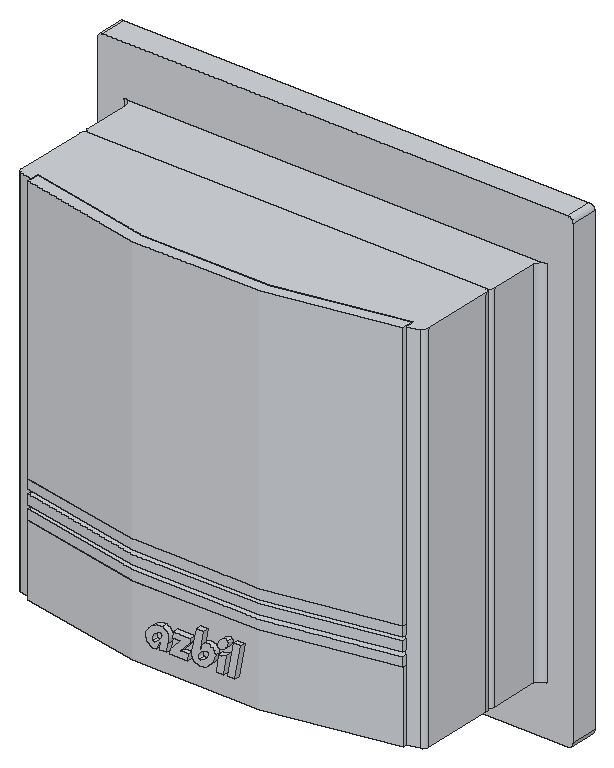
Revit family "室内用湿度ｾﾝｻｰ(ロゴあり)", category Electrical Equipment, Revit 2022
Family settings
  Panel Configuration = Two Columns, Circuits Across
  Round Connector Dimension = Use Diameter
  Part Type = Panelboard
  OmniClass Number = 23.80.30.11.17
  OmniClass Title = Distribution Boards and Control Panels
  Work Plane-Based = No
  Always vertical = Yes
  Cut with Voids When Loaded = No
  Maintain Annotation Orientation = No
  Shared = No
  Room Calculation Point = No
Parameters
  電線管φ [instance] = 1 mm
  Default Elevation = 0 mm
  built-in parameter 1155100 [instance] = -1
  built-in parameter 1140142 [instance] = -1
  built-in parameter 1140140 [instance] = 1 (stored number, unit not read)
Reference planes
  plane 1 "中心(正面/背面)": y = 0
  plane 2: z = 0
  plane 3 "中心(左/右)": x = 0
Forms (mm)
  Extrusion 1, solid
    sketch origin (0, 0, 0) x (1, 0, 0) y (0, 0, 1)
      loop
        arc (-45, -44) -> (-44.707, -44.707) -> (-44, -45) r 1
        line (-44, -45) -> (44, -45)
        arc (44, -45) -> (44.707, -44.707) -> (45, -44) r 1
        line (45, -44) -> (45, 44)
        arc (45, 44) -> (44.707, 44.707) -> (44, 45) r 1
        line (44, 45) -> (-44, 45)
        arc (-44, 45) -> (-44.707, 44.707) -> (-45, 44) r 1
        line (-45, 44) -> (-45, -44)
    from -27.5 to -22.5
  Extrusion 2, solid
    sketch origin (0, 0, 0) x (1, 0, 0) y (0, 1, 0)
      loop
        arc (-40, 22.5) -> (-38.939, 22.061) -> (-38.5, 21) r 1.5
        line (-38.5, 21) -> (-38.5, 12)
        arc (-38.5, 12) -> (-38.207, 11.293) -> (-37.5, 11) r 1
        line (-37.5, 11) -> (37.5, 11)
        arc (37.5, 11) -> (38.207, 11.293) -> (38.5, 12) r 1
        line (38.5, 12) -> (38.5, 21)
        arc (38.5, 21) -> (38.939, 22.061) -> (40, 22.5) r 1.5
        line (40, 22.5) -> (-40, 22.5)
    from -35.5 to 35.41
  Extrusion 3, solid
    sketch origin (0, 0, 0) x (1, 0, 0) y (0, 1, 0)
      loop
        arc (-37.5, 11) -> (-38.207, 10.707) -> (-38.5, 10) r 1
        line (-38.5, 10) -> (-38.5, -3.669)
        arc (-38.5, -3.669) -> (-38.307, -4.259) -> (-37.804, -4.622) r 1
        arc (-37.804, -4.622) -> (-36.654, -4.982) -> (-35.5, -5.331) r 124.5
        line (-35.5, -5.331) -> (-35.5, -3.557)
        arc (-35.5, -3.557) -> (0, -8.8) -> (35.5, -3.557) r 122.8
        line (35.5, -3.557) -> (35.5, -5.331)
        arc (35.5, -5.331) -> (36.654, -4.982) -> (37.804, -4.622) r 124.5
        arc (37.804, -4.622) -> (38.307, -4.259) -> (38.5, -3.669) r 1
        line (38.5, -3.669) -> (38.5, 10)
        arc (38.5, 10) -> (38.207, 10.707) -> (37.5, 11) r 1
        line (37.5, 11) -> (-37.5, 11)
    from -35.5 to 35.5
  Extrusion 4, solid
    sketch origin (0, 0, 0) x (1, 0, 0) y (0, 1, 0)
      loop
        arc (-35.5, -5.853) -> (0, -11) -> (35.5, -5.853) r 125
        line (35.5, -5.853) -> (35.5, -3.557)
        arc (35.5, -3.557) -> (0, -8.8) -> (-35.5, -3.557) r 122.8
        line (-35.5, -3.557) -> (-35.5, -5.853)
    from -35.5 to -22
  Extrusion 5, solid
    sketch origin (0, -0.043, 0) x (1, 0, 0) y (0, 1, 0)
      loop
        arc (-35.5, -5.853) -> (0, -11) -> (35.5, -5.853) r 125
        line (35.5, -5.853) -> (35.5, -3.557)
        arc (35.5, -3.557) -> (0, -8.8) -> (-35.5, -3.557) r 122.8
        line (-35.5, -3.557) -> (-35.5, -5.853)
    from -15 to 35.5
  Extrusion 6, solid
    sketch origin (0, -0.043, -4.4) x (1, 0, 0) y (0, 1, 0)
      loop
        arc (-35.5, -5.853) -> (0, -11) -> (35.5, -5.853) r 125
        line (35.5, -5.853) -> (35.5, -3.557)
        arc (35.5, -3.557) -> (0, -8.8) -> (-35.5, -3.557) r 122.8
        line (-35.5, -3.557) -> (-35.5, -5.853)
    from -15 to -13.2
  Extrusion 7, solid
    sketch origin (0, -0.043, -1.8) x (1, 0, 0) y (0, 1, 0)
      loop
        arc (-35.5, -5.853) -> (0, -11) -> (35.5, -5.853) r 125
        line (35.5, -5.853) -> (35.5, -3.557)
        arc (35.5, -3.557) -> (0, -8.8) -> (-35.5, -3.557) r 122.8
        line (-35.5, -3.557) -> (-35.5, -5.853)
    from -15 to -13.2
  Extrusion 8, solid
    sketch origin (0, -0.043, -7) x (1, 0, 0) y (0, 1, 0)
      loop
        arc (-35.5, -5.853) -> (0, -11) -> (35.5, -5.853) r 125
        line (35.5, -5.853) -> (35.5, -3.557)
        arc (35.5, -3.557) -> (0, -8.8) -> (-35.5, -3.557) r 122.8
        line (-35.5, -3.557) -> (-35.5, -5.853)
    from -15 to -13.2
  Extrusion 9, solid
    sketch origin (0.579, -15.492, -234.375) x (1, 0, 0) y (0, 0, 1)
      loop
        line (2.028, 209.479) -> (0.657, 209.479) -> (-0.164, 205.244)
        arc (-0.164, 205.244) -> (-0.148, 204.505) -> (0.171, 203.837) r 1.754
        arc (0.171, 203.837) -> (1.022, 203.478) -> (1.944, 203.525) r 2.069
        arc (1.944, 203.525) -> (3.516, 204.557) -> (4.213, 206.303) r 3.13
        arc (4.213, 206.303) -> (3.45, 207.476) -> (2.05, 207.488) r 1.479
        line (2.05, 207.488) -> (1.419, 206.337) -> (2.028, 209.479)
      loop
        line (7.636, 209.479) -> (6.586, 203.521) -> (7.957, 203.521) -> (9.008, 209.479) -> (7.636, 209.479)
      loop
        line (5.782, 203.521) -> (6.389, 206.963)
        arc (6.389, 206.963) -> (5.696, 206.683) -> (4.953, 206.603) r 2.712
        line (4.953, 206.603) -> (4.41, 203.521) -> (5.782, 203.521)
      loop
        line (-4.41, 203.521) -> (-0.981, 203.521) -> (-0.781, 204.656) -> (-2.4, 204.656) -> (-0.508, 206.642) -> (-0.342, 207.493) -> (-3.677, 207.493) -> (-3.877, 206.358) -> (-2.297, 206.358) -> (-4.254, 204.401) -> (-4.41, 203.521)
      loop
        arc (-4.811, 205.09) -> (-4.628, 206.587) -> (-5.775, 207.566) r 1.594
        arc (-5.775, 207.566) -> (-7.883, 206.92) -> (-8.997, 205.017) r 3.033
        arc (-8.997, 205.017) -> (-8.305, 203.731) -> (-6.863, 203.502) r 1.646
        line (-6.863, 203.502) -> (-6.23, 204.656) -> (-6.372, 203.521) -> (-4.978, 203.521)
        arc (-4.978, 203.521) -> (-4.916, 204.308) -> (-4.811, 205.09) r 14.52
      loop
        spline (4.823, 207.767) -> (4.981, 207.669) -> (5.188, 207.637) -> (5.429, 207.673) -> (5.689, 207.775) -> (5.949, 207.936) -> (6.192, 208.146) -> (6.401, 208.389) -> (6.562, 208.649) -> (6.665, 208.909) -> (6.701, 209.15) -> (6.669, 209.357) -> (6.571, 209.514)
        spline (6.571, 209.514) -> (6.413, 209.613) -> (6.206, 209.645) -> (5.965, 209.609) -> (5.705, 209.506) -> (5.445, 209.345) -> (5.202, 209.136) -> (4.993, 208.893) -> (4.831, 208.632) -> (4.729, 208.373) -> (4.693, 208.131) -> (4.725, 207.925) -> (4.823, 207.767)
    from -4.5 to -3.547
  Extrusion 10, void
    sketch origin (0.653, -15.156, -234.375) x (1, 0, 0) y (0, 0, 1)
      loop
        spline (-7.641, 204.685) -> (-7.501, 204.603) -> (-7.315, 204.582) -> (-7.094, 204.626) -> (-6.854, 204.73) -> (-6.611, 204.887) -> (-6.381, 205.088) -> (-6.181, 205.318) -> (-6.023, 205.561) -> (-5.919, 205.801) -> (-5.875, 206.022) -> (-5.896, 206.208) -> (-5.978, 206.347)
        spline (-5.978, 206.347) -> (-6.117, 206.43) -> (-6.304, 206.45) -> (-6.525, 206.407) -> (-6.765, 206.303) -> (-7.008, 206.145) -> (-7.238, 205.945) -> (-7.438, 205.715) -> (-7.596, 205.472) -> (-7.7, 205.231) -> (-7.743, 205.011) -> (-7.723, 204.824) -> (-7.641, 204.685)
      loop
        spline (1.155, 204.646) -> (1.294, 204.563) -> (1.48, 204.543) -> (1.701, 204.587) -> (1.941, 204.691) -> (2.184, 204.848) -> (2.414, 205.049) -> (2.615, 205.278) -> (2.772, 205.522) -> (2.876, 205.762) -> (2.92, 205.983) -> (2.899, 206.169) -> (2.817, 206.308)
        spline (2.817, 206.308) -> (2.678, 206.391) -> (2.491, 206.411) -> (2.27, 206.368) -> (2.03, 206.264) -> (1.787, 206.106) -> (1.557, 205.906) -> (1.357, 205.676) -> (1.199, 205.433) -> (1.095, 205.192) -> (1.052, 204.972) -> (1.072, 204.785) -> (1.155, 204.646)
    from -4.163 to -2.257
  Extrusion 11, solid
    sketch origin (0, 0, 0) x (1, 0, 0) y (0, 0, 1)
      loop
        circle (0, 0) r 0.5
    from -27.5 to -11
Cuts and joins
  Extrusion 10 cuts Extrusion 9
Dimensions and locks
  "電線管φ": diameter of Extrusion 11 sketch curve
  aligned and locked: level to plane 2
Automatic sketch dimensions
  Extrusion 1 sketch curve to plane 3 "中心(左/右)" = 45 mm
  Extrusion 1 sketch curve to Extrusion 1 sketch curve = 1 mm  (x3)
  plane 3 "中心(左/右)" to Extrusion 1 sketch curve = 44 mm  (x2)
  Extrusion 1 sketch curve to level = 45 mm
  level to Extrusion 1 sketch curve = 44 mm
  Extrusion 2 sketch curve to plane 3 "中心(左/右)" = 40 mm
  Extrusion 2 sketch curve to Extrusion 2 sketch curve = 1.5 mm  (x2)
  Extrusion 2 sketch curve to Extrusion 2 sketch curve = 1 mm  (x2)
  Extrusion 2 sketch curve to plane 1 "中心(正面/背面)" = 11 mm
  plane 3 "中心(左/右)" to Extrusion 2 sketch curve = 37.5 mm
  Extrusion 2 sketch curve to Extrusion 2 sketch curve = 9 mm  (x2)
  Extrusion 2 sketch curve to Extrusion 2 sketch curve = 0 mm  (x3)
  Extrusion 3 sketch curve to Extrusion 3 sketch curve = 0 mm  (x6)
  Extrusion 3 sketch curve to plane 3 "中心(左/右)" = 0 mm
  plane 1 "中心(正面/背面)" to Extrusion 3 sketch curve = 5.331 mm  (x2)
  Extrusion 3 sketch curve to plane 3 "中心(左/右)" = 35.5 mm
  Extrusion 3 sketch curve to Extrusion 3 sketch curve = 2 mm  (x4)
  Extrusion 3 sketch curve to Extrusion 3 sketch curve = 1 mm  (x2)
  plane 3 "中心(左/右)" to Extrusion 3 sketch curve = 35.5 mm
  Extrusion 3 sketch curve to Extrusion 3 sketch curve = 1.662 mm  (x2)
  Extrusion 3 sketch curve to Extrusion 3 sketch curve = 1.775 mm
  Extrusion 3 sketch curve to plane 1 "中心(正面/背面)" = 10 mm
  Extrusion 3 sketch curve to Extrusion 3 sketch curve = 103 mm
  Extrusion 4 sketch curve to Extrusion 4 sketch curve = 0 mm  (x2)
  Extrusion 4 sketch curve to plane 3 "中心(左/右)" = 0 mm
  plane 1 "中心(正面/背面)" to Extrusion 4 sketch curve = 5.853 mm  (x2)
  Extrusion 4 sketch curve to plane 3 "中心(左/右)" = 35.5 mm
  Extrusion 4 sketch curve to Extrusion 4 sketch curve = 2.296 mm
  Extrusion 4 sketch curve to plane 1 "中心(正面/背面)" = 114 mm
  Extrusion 5 sketch curve to Extrusion 5 sketch curve = 0 mm  (x2)
  Extrusion 5 sketch curve to plane 3 "中心(左/右)" = 0 mm
  plane 1 "中心(正面/背面)" to Extrusion 5 sketch curve = 5.896 mm  (x2)
  Extrusion 5 sketch curve to plane 3 "中心(左/右)" = 35.5 mm
  Extrusion 5 sketch curve to Extrusion 5 sketch curve = 2.296 mm
  Extrusion 5 sketch curve to plane 1 "中心(正面/背面)" = 113.957 mm
  Extrusion 6 sketch curve to Extrusion 6 sketch curve = 0 mm  (x2)
  Extrusion 6 sketch curve to plane 3 "中心(左/右)" = 0 mm
  plane 1 "中心(正面/背面)" to Extrusion 6 sketch curve = 5.896 mm  (x2)
  Extrusion 6 sketch curve to plane 3 "中心(左/右)" = 35.5 mm
  Extrusion 6 sketch curve to Extrusion 6 sketch curve = 2.296 mm
  Extrusion 6 sketch curve to plane 1 "中心(正面/背面)" = 113.957 mm
  Extrusion 7 sketch curve to Extrusion 7 sketch curve = 0 mm  (x2)
  Extrusion 7 sketch curve to plane 3 "中心(左/右)" = 0 mm
  plane 1 "中心(正面/背面)" to Extrusion 7 sketch curve = 5.896 mm  (x2)
  Extrusion 7 sketch curve to plane 3 "中心(左/右)" = 35.5 mm
  Extrusion 7 sketch curve to Extrusion 7 sketch curve = 2.296 mm
  Extrusion 7 sketch curve to plane 1 "中心(正面/背面)" = 113.957 mm
  Extrusion 8 sketch curve to Extrusion 8 sketch curve = 0 mm  (x2)
  Extrusion 8 sketch curve to plane 3 "中心(左/右)" = 0 mm
  plane 1 "中心(正面/背面)" to Extrusion 8 sketch curve = 5.896 mm  (x2)
  Extrusion 8 sketch curve to plane 3 "中心(左/右)" = 35.5 mm
  Extrusion 8 sketch curve to Extrusion 8 sketch curve = 2.296 mm
  Extrusion 8 sketch curve to plane 1 "中心(正面/背面)" = 113.957 mm
  Extrusion 9 sketch curve to plane 3 "中心(左/右)" = 6.773 mm
  Extrusion 9 sketch curve to Extrusion 9 sketch curve = 0.489 mm
  Extrusion 9 sketch curve to Extrusion 9 sketch curve = 0.491 mm
  Extrusion 9 sketch curve to Extrusion 9 sketch curve = 0.142 mm
  Extrusion 9 sketch curve to Extrusion 9 sketch curve = 0.117 mm
  Extrusion 9 sketch curve to Extrusion 9 sketch curve = 0.229 mm
  Extrusion 9 sketch curve to Extrusion 9 sketch curve = 1.394 mm
  Extrusion 9 sketch curve to Extrusion 9 sketch curve = 0.569 mm
  Extrusion 9 sketch curve to Extrusion 9 sketch curve = 0.155 mm
  Extrusion 9 sketch curve to Extrusion 9 sketch curve = 0.378 mm
  Extrusion 9 sketch curve to Extrusion 9 sketch curve = 0.2 mm
  Extrusion 9 sketch curve to plane 3 "中心(左/右)" = 1.82 mm
  Extrusion 9 sketch curve to Extrusion 9 sketch curve = 1.579 mm
  Extrusion 9 sketch curve to plane 3 "中心(左/右)" = 0.402 mm
  Extrusion 9 sketch curve to plane 3 "中心(左/右)" = 0.202 mm
  plane 3 "中心(左/右)" to Extrusion 9 sketch curve = 0.072 mm
  plane 3 "中心(左/右)" to Extrusion 9 sketch curve = 0.237 mm
  plane 3 "中心(左/右)" to Extrusion 9 sketch curve = 0.416 mm
  plane 3 "中心(左/右)" to Extrusion 9 sketch curve = 1.236 mm
  Extrusion 9 sketch curve to Extrusion 9 sketch curve = 1.599 mm
  Extrusion 9 sketch curve to Extrusion 9 sketch curve = 0.289 mm
  Extrusion 9 sketch curve to Extrusion 9 sketch curve = 0.328 mm
  Extrusion 9 sketch curve to Extrusion 9 sketch curve = 0.178 mm
  Extrusion 9 sketch curve to Extrusion 9 sketch curve = 1.372 mm  (x3)
  Extrusion 9 sketch curve to Extrusion 9 sketch curve = 0.631 mm
  Extrusion 9 sketch curve to Extrusion 9 sketch curve = 1.319 mm
  Extrusion 9 sketch curve to Extrusion 9 sketch curve = 1.671 mm
  Extrusion 9 sketch curve to Extrusion 9 sketch curve = 2.215 mm
  Extrusion 9 sketch curve to Extrusion 9 sketch curve = 0.082 mm
  Extrusion 9 sketch curve to Extrusion 9 sketch curve = 1.435 mm
  Extrusion 9 sketch curve to Extrusion 9 sketch curve = 0.804 mm
  Extrusion 9 sketch curve to Extrusion 9 sketch curve = 2.601 mm
  Extrusion 9 sketch curve to Extrusion 9 sketch curve = 1.371 mm
  Extrusion 9 sketch curve to Extrusion 9 sketch curve = 1.566 mm
  Extrusion 9 sketch curve to level = 31.608 mm
  Extrusion 9 sketch curve to Extrusion 9 sketch curve = 0.735 mm
  Extrusion 9 sketch curve to Extrusion 9 sketch curve = 0.019 mm
  Extrusion 9 sketch curve to Extrusion 9 sketch curve = 0.754 mm  (x2)
  Extrusion 9 sketch curve to Extrusion 9 sketch curve = 0 mm  (x2)
  Extrusion 9 sketch curve to Extrusion 9 sketch curve = 0.88 mm
  Extrusion 9 sketch curve to Extrusion 9 sketch curve = 1.02 mm
  Extrusion 9 sketch curve to Extrusion 9 sketch curve = 1.135 mm
  Extrusion 9 sketch curve to Extrusion 9 sketch curve = 0.115 mm
  Extrusion 9 sketch curve to Extrusion 9 sketch curve = 0.255 mm
  Extrusion 9 sketch curve to Extrusion 9 sketch curve = 0.417 mm
  Extrusion 9 sketch curve to Extrusion 9 sketch curve = 0.589 mm
  Extrusion 9 sketch curve to Extrusion 9 sketch curve = 0.605 mm
  Extrusion 9 sketch curve to Extrusion 9 sketch curve = 1.352 mm
  Extrusion 9 sketch curve to Extrusion 9 sketch curve = 0.664 mm
  Extrusion 9 sketch curve to Extrusion 9 sketch curve = 0.822 mm
  Extrusion 9 sketch curve to Extrusion 9 sketch curve = 1.703 mm
  Extrusion 9 sketch curve to Extrusion 9 sketch curve = 0.199 mm
  Extrusion 9 sketch curve to Extrusion 9 sketch curve = 0.423 mm
  Extrusion 9 sketch curve to Extrusion 9 sketch curve = 1.398 mm
  Extrusion 9 sketch curve to Extrusion 9 sketch curve = 0.361 mm
  Extrusion 9 sketch curve to Extrusion 9 sketch curve = 1.151 mm
  Extrusion 9 sketch curve to Extrusion 9 sketch curve = 0.851 mm
  Extrusion 9 sketch curve to Extrusion 9 sketch curve = 2.516 mm
  Extrusion 9 sketch curve to Extrusion 9 sketch curve = 1.991 mm
  Extrusion 9 sketch curve to Extrusion 9 sketch curve = 1.645 mm
  Extrusion 9 sketch curve to Extrusion 9 sketch curve = 0.338 mm
  plane 3 "中心(左/右)" to Extrusion 9 sketch curve = 0.75 mm
  Extrusion 9 sketch curve to Extrusion 9 sketch curve = 0.13 mm
  Extrusion 9 sketch curve to Extrusion 9 sketch curve = 0.662 mm
  Extrusion 9 sketch curve to Extrusion 9 sketch curve = 1.164 mm
  Extrusion 10 sketch curve to plane 3 "中心(左/右)" = 6.988 mm
  plane 3 "中心(左/右)" to Extrusion 10 sketch curve = 1.808 mm
  Extrusion 10 sketch curve to level = 29.729 mm
  Extrusion 10 sketch curve to Extrusion 10 sketch curve = 0.831 mm  (x2)
  Extrusion 10 sketch curve to Extrusion 10 sketch curve = 0.039 mm
  Extrusion 11 sketch curve to level = 0 mm
  Extrusion 11 sketch curve to plane 3 "中心(左/右)" = 0 mm
Connectors
  electrical at (0, 22.5, -0.045)
    settings: on Extrusion 2, index 1, voltage 0 V, apparent load 0 VA, apparent load phase1 0 VA, apparent load phase2 0 VA, apparent load phase3 0 VA, power factor 1, load classification "その他", number of poles 1, system type 31, power factor state 1, is connector primary yes, connector utility no, sub classification motor no, connector description ""
  cabletrayconduit at (0, 27.5, 0), diameter 1, driven by "電線管φ"
    settings: on Extrusion 11, index 2, connector width 300 mm, connector height 300 mm, connector angle 0.00°, system type 32, placement type 0, profile type 0, connector reference index -1, is primary connector yes, connector utility param no, connector description ""
